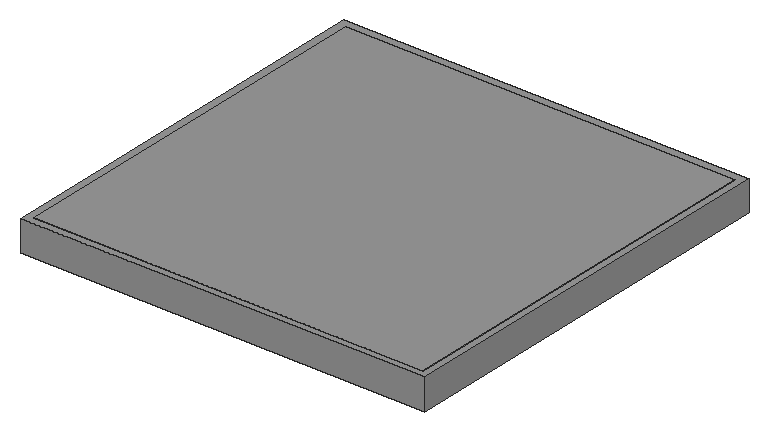
Revit family "ДВО-09 30 Вт Грильято DALI", category Осветительные приборы, Revit 2019 (continued)
Types (6, lengths in mm): name | Эффективность светильника | Файл фотометрической сетки | Тип рассеивателя | Световой поток модуля | built-in parameter 1150142 | Wattage | built-in parameter 1114217 | built-in parameter 1150134 | Lumens | built-in parameter 1150105 | Категория по ограничению яркости | built-in parameter 1150107 | built-in parameter 1150106 | Габаритная яркость | Артикул | URL
    1202.2 1198.8 1194.8 1190.7 1186.0 1181.0 1175.4 1169.1 1162.5 1155.4 1147.9 1140.1 1131.6 1123.0 1114.0 1104.9 1095.6 1085.8 1075.4 1064.4 1053.3 1041.6 1029.7 1017.2 1004.6 991.4 978.3 964.7 951.1 937.4 923.4 908.9 894.5 879.4 864.4 848.5 832.5 815.9 799.4 782.4 765.5 748.1 730.8 713.1 695.7 677.3 659.3 640.5 621.9 602.4 583.3 563.7 544.6 524.8 505.4 485.4 465.4 444.8 424.7 403.8 382.9 362.4 341.4 320.7 299.8 279.3 258.6 238.4 217.9 198.2 178.3 159.2 140.1 121.9 104.0 87.4 71.6 57.5 44.5 33.3 24.2 17.3 12.3 9.1 7.2 6.3 6.1 6.1 6.1 6.2 6.1 6.2 6.3 6.2 0.0 0.0 0.0 0.0 0.0 0.0 0.0 0.0 0.0 0.0 0.0 0.0 0.0 0.0 0.0 0.0 0.0 0.0 0.0 0.0 0.0 0.0 0.0 0.0 0.0 0.0 0.0 0.0 0.0 0.0 0.0 0.0 0.0 0.0 0.0 0.0 0.0 0.0 0.0 0.0 0.0 0.0 0.0 0.0 0.0 0.0 0.0 0.0 0.0 0.0 0.0 0.0 0.0 0.0 0.0 0.0 0.0 0.0 0.0 0.0 0.0\r\n1213.1 1212.5 1211.4 1209.7 1207.7 1205.2 1202.4 1199.0 1195.1 1191.1 1186.4 1181.3 1175.8 1169.6 1163.1 1156.1 1148.7 1141.0 1132.7 1124.2 1115.2 1105.9 1096.5 1086.6 1076.2 1065.2 1054.2 1042.6 1030.9 1018.7 1006.2 993.3 980.2 966.5 952.8 939.0 924.7 910.3 895.5 880.5 865.0 849.3 833.2 816.8 800.2 783.4 766.4 749.3 732.0 714.6 697.1 679.1 660.9 642.4 623.7 604.6 585.4 566.0 546.5 526.9 507.2 487.3 467.1 446.8 426.5 405.8 385.0 364.5 343.5 322.9 301.9 281.4 260.6 240.4 219.8 200.1 180.2 161.0 141.9 123.4 105.7 88.9 73.1 58.6 45.7 34.3 25.1 18.0 12.9 9.6 7.6 6.6 6.2 6.1 6.2 6.2 6.2 6.2 6.3 6.3 0.0 0.0 0.0 0.0 0.0 0.0 0.0 0.0 0.0 0.0 0.0 0.0 0.0 0.0 0.0 0.0 0.0 0.0 0.0 0.0 0.0 0.0 0.0 0.0 0.0 0.0 0.0 0.0 0.0 0.0 0.0 0.0 0.0 0.0 0.0 0.0 0.0 0.0 0.0 0.0 0.0 0.0 0.0 0.0 0.0 0.0 0.0 0.0 0.0 0.0 0.0 0.0 0.0 0.0 0.0 0.0 0.0 0.0 0.0 0.0 0.0\r\n1213.1 1212.4 1211.4 1209.9 1207.9 1205.4 1202.5 1199.2 1195.4 1191.4 1186.7 1181.5 1176.1 1170.0 1163.6 1156.8 1149.5 1141.8 1133.8 1125.3 1116.3 1106.9 1097.4 1087.3 1076.9 1066.0 1055.1 1043.6 1032.1 1020.1 1007.7 995.1 982.0 968.3 954.5 940.5 926.0 911.6 896.4 881.5 865.6 850.1 833.9 817.7 801.0 784.3 767.3 750.5 733.2 716.1 698.4 680.8 662.5 644.3 625.5 606.7 587.4 568.2 548.4 528.9 509.0 489.1 468.8 448.8 428.2 407.8 387.1 366.6 345.6 325.0 304.0 283.4 262.5 242.3 221.7 201.9 182.0 162.7 143.6 124.9 107.4 90.3 74.6 59.7 46.8 35.2 26.0 18.6 13.5 10.1 7.9 6.9 6.3 6.1 6.2 6.2 6.2 6.2 6.3 6.4 0.0 0.0 0.0 0.0 0.0 0.0 0.0 0.0 0.0 0.0 0.0 0.0 0.0 0.0 0.0 0.0 0.0 0.0 0.0 0.0 0.0 0.0 0.0 0.0 0.0 0.0 0.0 0.0 0.0 0.0 0.0 0.0 0.0 0.0 0.0 0.0 0.0 0.0 0.0 0.0 0.0 0.0 0.0 0.0 0.0 0.0 0.0 0.0 0.0 0.0 0.0 0.0 0.0 0.0 0.0 0.0 0.0 0.0 0.0 0.0 0.0\r\n1213.1 1212.4 1211.2 1209.5 1207.3 1204.6 1201.4 1197.9 1193.9 1189.7 1184.8 1179.6 1173.9 1167.8 1161.1 1154.1 1146.5 1138.6 1130.3 1121.6 1112.5 1102.9 1093.3 1083.0 1072.6 1061.6 1050.5 1038.7 1027.0 1014.6 1002.0 989.0 975.7 961.8 947.9 933.7 919.2 904.6 889.6 874.5 859.0 843.5 827.5 811.2 794.7 777.8 760.8 743.6 726.1 708.5 690.7 672.6 654.3 635.8 617.2 598.2 579.1 559.8 540.3 520.6 500.6 480.7 460.3 440.2 419.4 399.0 378.2 357.6 336.7 316.2 295.3 275.0 254.3 234.4 214.1 194.5 175.0 156.0 137.2 119.1 101.8 85.3 70.0 55.8 43.3 32.6 23.9 17.1 12.4 9.3 7.5 6.7 6.4 6.3 6.4 6.4 6.3 6.4 6.5 6.6 0.0 0.0 0.0 0.0 0.0 0.0 0.0 0.0 0.0 0.0 0.0 0.0 0.0 0.0 0.0 0.0 0.0 0.0 0.0 0.0 0.0 0.0 0.0 0.0 0.0 0.0 0.0 0.0 0.0 0.0 0.0 0.0 0.0 0.0 0.0 0.0 0.0 0.0 0.0 0.0 0.0 0.0 0.0 0.0 0.0 0.0 0.0 0.0 0.0 0.0 0.0 0.0 0.0 0.0 0.0 0.0 0.0 0.0 0.0 0.0 0.0\r\n1213.1 1212.4 1211.0 1209.0 1206.6 1203.8 1200.3 1196.6 1192.3 1187.9 1182.9 1177.6 1171.6 1165.5 1158.5 1151.3 1143.5 1135.3 1126.8 1117.8 1108.6 1098.9 1089.1 1078.7 1068.2 1057.1 1045.8 1033.8 1021.8 1009.1 996.3 982.8 969.3 955.2 941.2 926.8 912.4 897.5 882.7 867.5 852.4 836.8 821.0 804.7 788.4 771.2 754.2 736.6 719.0 700.8 683.0 664.4 646.1 627.2 608.8 589.7 570.8 551.3 532.1 512.2 492.1 472.3 451.8 431.6 410.6 390.1 369.2 348.6 327.7 307.3 286.6 266.5 246.0 226.4 206.4 187.1 167.9 149.3 130.8 113.3 96.2 80.2 65.4 51.9 39.8 29.9 21.7 15.6 11.2 8.5 7.0 6.5 6.4 6.4 6.5 6.6 6.4 6.6 6.7 6.7 0.0 0.0 0.0 0.0 0.0 0.0 0.0 0.0 0.0 0.0 0.0 0.0 0.0 0.0 0.0 0.0 0.0 0.0 0.0 0.0 0.0 0.0 0.0 0.0 0.0 0.0 0.0 0.0 0.0 0.0 0.0 0.0 0.0 0.0 0.0 0.0 0.0 0.0 0.0 0.0 0.0 0.0 0.0 0.0 0.0 0.0 0.0 0.0 0.0 0.0 0.0 0.0 0.0 0.0 0.0 0.0 0.0 0.0 0.0 0.0 0.0\r\n1213.1 1212.5 1211.3 1209.5 1207.5 1205.0 1202.2 1198.8 1194.8 1190.7 1186.0 1181.0 1175.4 1169.1 1162.5 1155.4 1147.9 1140.1 1131.6 1123.0 1114.0 1104.9 1095.6 1085.8 1075.4 1064.4 1053.3 1041.6 1029.7 1017.2 1004.6 991.4 978.3 964.7 951.1 937.4 923.4 908.9 894.5 879.4 864.4 848.5 832.5 815.9 799.4 782.4 765.5 748.1 730.8 713.1 695.7 677.3 659.3 640.5 621.9 602.4 583.3 563.7 544.6 524.8 505.4 485.4 465.4 444.8 424.7 403.8 382.9 362.4 341.4 320.7 299.8 279.3 258.6 238.4 217.9 198.2 178.3 159.2 140.1 121.9 104.0 87.4 71.6 57.5 44.5 33.3 24.2 17.3 12.3 9.1 7.2 6.3 6.1 6.1 6.1 6.2 6.1 6.2 6.3 6.2 0.0 0.0 0.0 0.0 0.0 0.0 0.0 0.0 0.0 0.0 0.0 0.0 0.0 0.0 0.0 0.0 0.0 0.0 0.0 0.0 0.0 0.0 0.0 0.0 0.0 0.0 0.0 0.0 0.0 0.0 0.0 0.0 0.0 0.0 0.0 0.0 0.0 0.0 0.0 0.0 0.0 0.0 0.0 0.0 0.0 0.0 0.0 0.0 0.0 0.0 0.0 0.0 0.0 0.0 0.0 0.0 0.0 0.0 0.0 0.0 0.0\r\n1213.1 1212.5 1211.4 1209.7 1207.7 1205.2 1202.4 1199.0 1195.1 1191.1 1186.4 1181.3 1175.8 1169.6 1163.1 1156.1 1148.7 1141.0 1132.7 1124.2 1115.2 1105.9 1096.5 1086.6 1076.2 1065.2 1054.2 1042.6 1030.9 1018.7 1006.2 993.3 980.2 966.5 952.8 939.0 924.7 910.3 895.5 880.5 865.0 849.3 833.2 816.8 800.2 783.4 766.4 749.3 732.0 714.6 697.1 679.1 660.9 642.4 623.7 604.6 585.4 566.0 546.5 526.9 507.2 487.3 467.1 446.8 426.5 405.8 385.0 364.5 343.5 322.9 301.9 281.4 260.6 240.4 219.8 200.1 180.2 161.0 141.9 123.4 105.7 88.9 73.1 58.6 45.7 34.3 25.1 18.0 12.9 9.6 7.6 6.6 6.2 6.1 6.2 6.2 6.2 6.2 6.3 6.3 0.0 0.0 0.0 0.0 0.0 0.0 0.0 0.0 0.0 0.0 0.0 0.0 0.0 0.0 0.0 0.0 0.0 0.0 0.0 0.0 0.0 0.0 0.0 0.0 0.0 0.0 0.0 0.0 0.0 0.0 0.0 0.0 0.0 0.0 0.0 0.0 0.0 0.0 0.0 0.0 0.0 0.0 0.0 0.0 0.0 0.0 0.0 0.0 0.0 0.0 0.0 0.0 0.0 0.0 0.0 0.0 0.0 0.0 0.0 0.0 0.0\r\n1213.1 1212.4 1211.4 1209.9 1207.9 1205.4 1202.5 1199.2 1195.4 1191.4 1186.7 1181.5 1176.1 1170.0 1163.6 1156.8 1149.5 1141.8 1133.8 1125.3 1116.3 1106.9 1097.4 1087.3 1076.9 1066.0 1055.1 1043.6 1032.1 1020.1 1007.7 995.1 982.0 968.3 954.5 940.5 926.0 911.6 896.4 881.5 865.6 850.1 833.9 817.7 801.0 784.3 767.3 750.5 733.2 716.1 698.4 680.8 662.5 644.3 625.5 606.7 587.4 568.2 548.4 528.9 509.0 489.1 468.8 448.8 428.2 407.8 387.1 366.6 345.6 325.0 304.0 283.4 262.5 242.3 221.7 201.9 182.0 162.7 143.6 124.9 107.4 90.3 74.6 59.7 46.8 35.2 26.0 18.6 13.5 10.1 7.9 6.9 6.3 6.1 6.2 6.2 6.2 6.2 6.3 6.4 0.0 0.0 0.0 0.0 0.0 0.0 0.0 0.0 0.0 0.0 0.0 0.0 0.0 0.0 0.0 0.0 0.0 0.0 0.0 0.0 0.0 0.0 0.0 0.0 0.0 0.0 0.0 0.0 0.0 0.0 0.0 0.0 0.0 0.0 0.0 0.0 0.0 0.0 0.0 0.0 0.0 0.0 0.0 0.0 0.0 0.0 0.0 0.0 0.0 0.0 0.0 0.0 0.0 0.0 0.0 0.0 0.0 0.0 0.0 0.0 0.0\r\n1213.1 1212.4 1211.2 1209.5 1207.3 1204.6 1201.4 1197.9 1193.9 1189.7 1184.8 1179.6 1173.9 1167.8 1161.1 1154.1 1146.5 1138.6 1130.3 1121.6 1112.5 1102.9 1093.3 1083.0 1072.6 1061.6 1050.5 1038.7 1027.0 1014.6 1002.0 989.0 975.7 961.8 947.9 933.7 919.2 904.6 889.6 874.5 859.0 843.5 827.5 811.2 794.7 777.8 760.8 743.6 726.1 708.5 690.7 672.6 654.3 635.8 617.2 598.2 579.1 559.8 540.3 520.6 500.6 480.7 460.3 440.2 419.4 399.0 378.2 357.6 336.7 316.2 295.3 275.0 254.3 234.4 214.1 194.5 175.0 156.0 137.2 119.1 101.8 85.3 70.0 55.8 43.3 32.6 23.9 17.1 12.4 9.3 7.5 6.7 6.4 6.3 6.4 6.4 6.3 6.4 6.5 6.6 0.0 0.0 0.0 0.0 0.0 0.0 0.0 0.0 0.0 0.0 0.0 0.0 0.0 0.0 0.0 0.0 0.0 0.0 0.0 0.0 0.0 0.0 0.0 0.0 0.0 0.0 0.0 0.0 0.0 0.0 0.0 0.0 0.0 0.0 0.0 0.0 0.0 0.0 0.0 0.0 0.0 0.0 0.0 0.0 0.0 0.0 0.0 0.0 0.0 0.0 0.0 0.0 0.0 0.0 0.0 0.0 0.0 0.0 0.0 0.0 0.0\r\n1213.1 1212.4 1211.0 1209.0 1206.6 1203.8 1200.3 1196.6 1192.3 1187.9 1182.9 1177.6 1171.6 1165.5 1158.5 1151.3 1143.5 1135.3 1126.8 1117.8 1108.6 1098.9 1089.1 1078.7 1068.2 1057.1 1045.8 1033.8 1021.8 1009.1 996.3 982.8 969.3 955.2 941.2 926.8 912.4 897.5 882.7 867.5 852.4 836.8 821.0 804.7 788.4 771.2 754.2 736.6 719.0 700.8 683.0 664.4 646.1 627.2 608.8 589.7 570.8 551.3 532.1 512.2 492.1 472.3 451.8 431.6 410.6 390.1 369.2 348.6 327.7 307.3 286.6 266.5 246.0 226.4 206.4 187.1 167.9 149.3 130.8 113.3 96.2 80.2 65.4 51.9 39.8 29.9 21.7 15.6 11.2 8.5 7.0 6.5 6.4 6.4 6.5 6.6 6.4 6.6 6.7 6.7 0.0 0.0 0.0 0.0 0.0 0.0 0.0 0.0 0.0 0.0 0.0 0.0 0.0 0.0 0.0 0.0 0.0 0.0 0.0 0.0 0.0 0.0 0.0 0.0 0.0 0.0 0.0 0.0 0.0 0.0 0.0 0.0 0.0 0.0 0.0 0.0 0.0 0.0 0.0 0.0 0.0 0.0 0.0 0.0 0.0 0.0 0.0 0.0 0.0 0.0 0.0 0.0 0.0 0.0 0.0 0.0 0.0 0.0 0.0 0.0 0.0\r\n1213.1 1212.5 1211.3 1209.5 1207.5 1205.0 1202.2 1198.8 1194.8 1190.7 1186.0 1181.0 1175.4 1169.1 1162.5 1155.4 1147.9 1140.1 1131.6 1123.0 1114.0 1104.9 1095.6 1085.8 1075.4 1064.4 1053.3 1041.6 1029.7 1017.2 1004.6 991.4 978.3 964.7 951.1 937.4 923.4 908.9 894.5 879.4 864.4 848.5 832.5 815.9 799.4 782.4 765.5 748.1 730.8 713.1 695.7 677.3 659.3 640.5 621.9 602.4 583.3 563.7 544.6 524.8 505.4 485.4 465.4 444.8 424.7 403.8 382.9 362.4 341.4 320.7 299.8 279.3 258.6 238.4 217.9 198.2 178.3 159.2 140.1 121.9 104.0 87.4 71.6 57.5 44.5 33.3 24.2 17.3 12.3 9.1 7.2 6.3 6.1 6.1 6.1 6.2 6.1 6.2 6.3 6.2 0.0 0.0 0.0 0.0 0.0 0.0 0.0 0.0 0.0 0.0 0.0 0.0 0.0 0.0 0.0 0.0 0.0 0.0 0.0 0.0 0.0 0.0 0.0 0.0 0.0 0.0 0.0 0.0 0.0 0.0 0.0 0.0 0.0 0.0 0.0 0.0 0.0 0.0 0.0 0.0 0.0 0.0 0.0 0.0 0.0 0.0 0.0 0.0 0.0 0.0 0.0 0.0 0.0 0.0 0.0 0.0 0.0 0.0 0.0 0.0 0.0\r\n1213.1 1212.5 1211.4 1209.7 1207.7 1205.2 1202.4 1199.0 1195.1 1191.1 1186.4 1181.3 1175.8 1169.6 1163.1 1156.1 1148.7 1141.0 1132.7 1124.2 1115.2 1105.9 1096.5 1086.6 1076.2 1065.2 1054.2 1042.6 1030.9 1018.7 1006.2 993.3 980.2 966.5 952.8 939.0 924.7 910.3 895.5 880.5 865.0 849.3 833.2 816.8 800.2 783.4 766.4 749.3 732.0 714.6 697.1 679.1 660.9 642.4 623.7 604.6 585.4 566.0 546.5 526.9 507.2 487.3 467.1 446.8 426.5 405.8 385.0 364.5 343.5 322.9 301.9 281.4 260.6 240.4 219.8 200.1 180.2 161.0 141.9 123.4 105.7 88.9 73.1 58.6 45.7 34.3 25.1 18.0 12.9 9.6 7.6 6.6 6.2 6.1 6.2 6.2 6.2 6.2 6.3 6.3 0.0 0.0 0.0 0.0 0.0 0.0 0.0 0.0 0.0 0.0 0.0 0.0 0.0 0.0 0.0 0.0 0.0 0.0 0.0 0.0 0.0 0.0 0.0 0.0 0.0 0.0 0.0 0.0 0.0 0.0 0.0 0.0 0.0 0.0 0.0 0.0 0.0 0.0 0.0 0.0 0.0 0.0 0.0 0.0 0.0 0.0 0.0 0.0 0.0 0.0 0.0 0.0 0.0 0.0 0.0 0.0 0.0 0.0 0.0 0.0 0.0\r\n1213.1 1212.4 1211.4 1209.9 1207.9 1205.4 1202.5 1199.2 1195.4 1191.4 1186.7 1181.5 1176.1 1170.0 1163.6 1156.8 1149.5 1141.8 1133.8 1125.3 1116.3 1106.9 1097.4 1087.3 1076.9 1066.0 1055.1 1043.6 1032.1 1020.1 1007.7 995.1 982.0 968.3 954.5 940.5 926.0 911.6 896.4 881.5 865.6 850.1 833.9 817.7 801.0 784.3 767.3 750.5 733.2 716.1 698.4 680.8 662.5 644.3 625.5 606.7 587.4 568.2 548.4 528.9 509.0 489.1 468.8 448.8 428.2 407.8 387.1 366.6 345.6 325.0 304.0 283.4 262.5 242.3 221.7 201.9 182.0 162.7 143.6 124.9 107.4 90.3 74.6 59.7 46.8 35.2 26.0 18.6 13.5 10.1 7.9 6.9 6.3 6.1 6.2 6.2 6.2 6.2 6.3 6.4 0.0 0.0 0.0 0.0 0.0 0.0 0.0 0.0 0.0 0.0 0.0 0.0 0.0 0.0 0.0 0.0 0.0 0.0 0.0 0.0 0.0 0.0 0.0 0.0 0.0 0.0 0.0 0.0 0.0 0.0 0.0 0.0 0.0 0.0 0.0 0.0 0.0 0.0 0.0 0.0 0.0 0.0 0.0 0.0 0.0 0.0 0.0 0.0 0.0 0.0 0.0 0.0 0.0 0.0 0.0 0.0 0.0 0.0 0.0 0.0 0.0\r\n1213.1 1212.4 1211.2 1209.5 1207.3 1204.6 1201.4 1197.9 1193.9 1189.7 1184.8 1179.6 1173.9 1167.8 1161.1 1154.1 1146.5 1138.6 1130.3 1121.6 1112.5 1102.9 1093.3 1083.0 1072.6 1061.6 1050.5 1038.7 1027.0 1014.6 1002.0 989.0 975.7 961.8 947.9 933.7 919.2 904.6 889.6 874.5 859.0 843.5 827.5 811.2 794.7 777.8 760.8 743.6 726.1 708.5 690.7 672.6 654.3 635.8 617.2 598.2 579.1 559.8 540.3 520.6 500.6 480.7 460.3 440.2 419.4 399.0 378.2 357.6 336.7 316.2 295.3 275.0 254.3 234.4 214.1 194.5 175.0 156.0 137.2 119.1 101.8 85.3 70.0 55.8 43.3 32.6 23.9 17.1 12.4 9.3 7.5 6.7 6.4 6.3 6.4 6.4 6.3 6.4 6.5 6.6 0.0 0.0 0.0 0.0 0.0 0.0 0.0 0.0 0.0 0.0 0.0 0.0 0.0 0.0 0.0 0.0 0.0 0.0 0.0 0.0 0.0 0.0 0.0 0.0 0.0 0.0 0.0 0.0 0.0 0.0 0.0 0.0 0.0 0.0 0.0 0.0 0.0 0.0 0.0 0.0 0.0 0.0 0.0 0.0 0.0 0.0 0.0 0.0 0.0 0.0 0.0 0.0 0.0 0.0 0.0 0.0 0.0 0.0 0.0 0.0 0.0\r\n1213.1 1212.4 1211.0 1209.0 1206.6 1203.8 1200.3 1196.6 1192.3 1187.9 1182.9 1177.6 1171.6 1165.5 1158.5 1151.3 1143.5 1135.3 1126.8 1117.8 1108.6 1098.9 1089.1 1078.7 1068.2 1057.1 1045.8 1033.8 1021.8 1009.1 996.3 982.8 969.3 955.2 941.2 926.8 912.4 897.5 882.7 867.5 852.4 836.8 821.0 804.7 788.4 771.2 754.2 736.6 719.0 700.8 683.0 664.4 646.1 627.2 608.8 589.7 570.8 551.3 532.1 512.2 492.1 472.3 451.8 431.6 410.6 390.1 369.2 348.6 327.7 307.3 286.6 266.5 246.0 226.4 206.4 187.1 167.9 149.3 130.8 113.3 96.2 80.2 65.4 51.9 39.8 29.9 21.7 15.6 11.2 8.5 7.0 6.5 6.4 6.4 6.5 6.6 6.4 6.6 6.7 6.7 0.0 0.0 0.0 0.0 0.0 0.0 0.0 0.0 0.0 0.0 0.0 0.0 0.0 0.0 0.0 0.0 0.0 0.0 0.0 0.0 0.0 0.0 0.0 0.0 0.0 0.0 0.0 0.0 0.0 0.0 0.0 0.0 0.0 0.0 0.0 0.0 0.0 0.0 0.0 0.0 0.0 0.0 0.0 0.0 0.0 0.0 0.0 0.0 0.0 0.0 0.0 0.0 0.0 0.0 0.0 0.0 0.0 0.0 0.0 0.0 0.0\r\n1213.1 1212.5 1211.3 1209.5 1207.5 1205.0 1202.2 1198.8 1194.8 1190.7 1186.0 1181.0 1175.4 1169.1 1162.5 1155.4 1147.9 1140.1 1131.6 1123.0 1114.0 1104.9 1095.6 1085.8 1075.4 1064.4 1053.3 1041.6 1029.7 1017.2 1004.6 991.4 978.3 964.7 951.1 937.4 923.4 908.9 894.5 879.4 864.4 848.5 832.5 815.9 799.4 782.4 765.5 748.1 730.8 713.1 695.7 677.3 659.3 640.5 621.9 602.4 583.3 563.7 544.6 524.8 505.4 485.4 465.4 444.8 424.7 403.8 382.9 362.4 341.4 320.7 299.8 279.3 258.6 238.4 217.9 198.2 178.3 159.2 140.1 121.9 104.0 87.4 71.6 57.5 44.5 33.3 24.2 17.3 12.3 9.1 7.2 6.3 6.1 6.1 6.1 6.2 6.1 6.2 6.3 6.2 0.0 0.0 0.0 0.0 0.0 0.0 0.0 0.0 0.0 0.0 0.0 0.0 0.0 0.0 0.0 0.0 0.0 0.0 0.0 0.0 0.0 0.0 0.0 0.0 0.0 0.0 0.0 0.0 0.0 0.0 0.0 0.0 0.0 0.0 0.0 0.0 0.0 0.0 0.0 0.0 0.0 0.0 0.0 0.0 0.0 0.0 0.0 0.0 0.0 0.0 0.0 0.0 0.0 0.0 0.0 0.0 0.0 0.0 0.0 0.0 0.0\r\n1213.1 1212.5 1211.4 1209.7 1207.7 1205.2 1202.4 1199.0 1195.1 1191.1 1186.4 1181.3 1175.8 1169.6 1163.1 1156.1 1148.7 1141.0 1132.7 1124.2 1115.2 1105.9 1096.5 1086.6 1076.2 1065.2 1054.2 1042.6 1030.9 1018.7 1006.2 993.3 980.2 966.5 952.8 939.0 924.7 910.3 895.5 880.5 865.0 849.3 833.2 816.8 800.2 783.4 766.4 749.3 732.0 714.6 697.1 679.1 660.9 642.4 623.7 604.6 585.4 566.0 546.5 526.9 507.2 487.3 467.1 446.8 426.5 405.8 385.0 364.5 343.5 322.9 301.9 281.4 260.6 240.4 219.8 200.1 180.2 161.0 141.9 123.4 105.7 88.9 73.1 58.6 45.7 34.3 25.1 18.0 12.9 9.6 7.6 6.6 6.2 6.1 6.2 6.2 6.2 6.2 6.3 6.3 0.0 0.0 0.0 0.0 0.0 0.0 0.0 0.0 0.0 0.0 0.0 0.0 0.0 0.0 0.0 0.0 0.0 0.0 0.0 0.0 0.0 0.0 0.0 0.0 0.0 0.0 0.0 0.0 0.0 0.0 0.0 0.0 0.0 0.0 0.0 0.0 0.0 0.0 0.0 0.0 0.0 0.0 0.0 0.0 0.0 0.0 0.0 0.0 0.0 0.0 0.0 0.0 0.0 0.0 0.0 0.0 0.0 0.0 0.0 0.0 0.0\r\n1213.1 1212.4 1211.4 1209.9 1207.9 1205.4 1202.5 1199.2 1195.4 1191.4 1186.7 1181.5 1176.1 1170.0 1163.6 1156.8 1149.5 1141.8 1133.8 1125.3 1116.3 1106.9 1097.4 1087.3 1076.9 1066.0 1055.1 1043.6 1032.1 1020.1 1007.7 995.1 982.0 968.3 954.5 940.5 926.0 911.6 896.4 881.5 865.6 850.1 833.9 817.7 801.0 784.3 767.3 750.5 733.2 716.1 698.4 680.8 662.5 644.3 625.5 606.7 587.4 568.2 548.4 528.9 509.0 489.1 468.8 448.8 428.2 407.8 387.1 366.6 345.6 325.0 304.0 283.4 262.5 242.3 221.7 201.9 182.0 162.7 143.6 124.9 107.4 90.3 74.6 59.7 46.8 35.2 26.0 18.6 13.5 10.1 7.9 6.9 6.3 6.1 6.2 6.2 6.2 6.2 6.3 6.4 0.0 0.0 0.0 0.0 0.0 0.0 0.0 0.0 0.0 0.0 0.0 0.0 0.0 0.0 0.0 0.0 0.0 0.0 0.0 0.0 0.0 0.0 0.0 0.0 0.0 0.0 0.0 0.0 0.0 0.0 0.0 0.0 0.0 0.0 0.0 0.0 0.0 0.0 0.0 0.0 0.0 0.0 0.0 0.0 0.0 0.0 0.0 0.0 0.0 0.0 0.0 0.0 0.0 0.0 0.0 0.0 0.0 0.0 0.0 0.0 0.0\r\n1213.1 1212.4 1211.2 1209.5 1207.3 1204.6 1201.4 1197.9 1193.9 1189.7 1184.8 1179.6 1173.9 1167.8 1161.1 1154.1 1146.5 1138.6 1130.3 1121.6 1112.5 1102.9 1093.3 1083.0 1072.6 1061.6 1050.5 1038.7 1027.0 1014.6 1002.0 989.0 975.7 961.8 947.9 933.7 919.2 904.6 889.6 874.5 859.0 843.5 827.5 811.2 794.7 777.8 760.8 743.6 726.1 708.5 690.7 672.6 654.3 635.8 617.2 598.2 579.1 559.8 540.3 520.6 500.6 480.7 460.3 440.2 419.4 399.0 378.2 357.6 336.7 316.2 295.3 275.0 254.3 234.4 214.1 194.5 175.0 156.0 137.2 119.1 101.8 85.3 70.0 55.8 43.3 32.6 23.9 17.1 12.4 9.3 7.5 6.7 6.4 6.3 6.4 6.4 6.3 6.4 6.5 6.6 0.0 0.0 0.0 0.0 0.0 0.0 0.0 0.0 0.0 0.0 0.0 0.0 0.0 0.0 0.0 0.0 0.0 0.0 0.0 0.0 0.0 0.0 0.0 0.0 0.0 0.0 0.0 0.0 0.0 0.0 0.0 0.0 0.0 0.0 0.0 0.0 0.0 0.0 0.0 0.0 0.0 0.0 0.0 0.0 0.0 0.0 0.0 0.0 0.0 0.0 0.0 0.0 0.0 0.0
